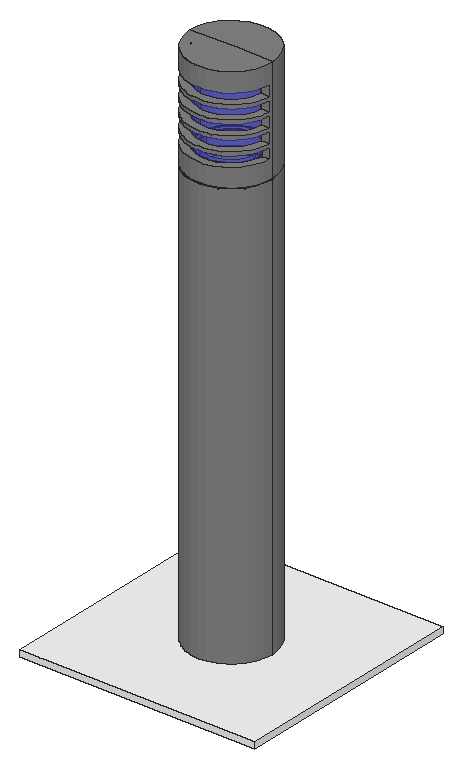
Revit family "BE_84424_de_DE", category Leuchten, Revit 2020
Family settings
  Basisbauteil = Fläche
  Bemaßung runder Anschluss = Durchmesser verwenden
  Teiletyp = Normal
  Beim Laden mit Abzugskörper schneiden = Ja
  Lichtquelle = Ja
  Gemeinsam genutzt = Nein
  Raumberechnungspunkt = Ja
Parameters (values of type "BEGA_84424_Grafit_K3")
  built-in parameter 1150104 = 12.747 (stored number, unit not read)
  Wattage = 8.2 W
  Default Elevation = 0 mm
  built-in parameter 1150113 = 1 (stored number, unit not read)
  built-in parameter 1114218 = 1 (stored number, unit not read)
  Umgebungstemperatur = "25 °C"
  URL = "https://www.bega.com/de/produkt/84424"
  Typenkommentare = "© 2022 BEGA. Wir behalten uns das Recht vor, technische Änderungen ohne vorherige Ankündigung vorzunehmen."  # constant formula
  Type Image = 84424.png
  built-in parameter 1150134 = (empty or 0)
  built-in parameter 1150109 = 1 (stored number, unit not read)
  Strom = ""
  built-in parameter 1150110 = 1 (stored number, unit not read)
  Spannung = 239.996 V
  Sonderanfertigung = no
  Seriennummer [instance] = "Hier können Sie die eindeutige Seriennummer für das Facility Management eintragen."
  Schutzklasse = "I"
  Schutzart = "IP 65"
  Scheinlast = 0 VA
  Produktdatenblatt = "https://cdn.bega.com/bega/products/84424AK4/current/documents/data-sheets/de"
  Oberflächentemperatur = ""
  Neigungswinkel = 0.00°
  Modell = "84424K3"
  Material_18 = BEGA_Gummi_schwarz
  Material_17 = BEGA_Reflektor
  Material_15 = BEGA_Leuchtmedium_matt
  Material_11 = BEGA_Glas_opal
  Material_09 = BEGA_Glas_klar
  Material_08 = BEGA_Oberfläche_Stahl_verzinkt
  Material_06 = BEGA_Oberfläche_Edelstahl_gebürstet
  Material_03 = BEGA_Oberfläche_Weiss_matt
  Material_02 = BEGA_Oberfläche_Silber_matt
  Material_01 [instance] = BEGA_Oberfläche_Grafit_matt
  M_W = no
  M_G = yes
  M_A = no
  Logo = 0
  built-in parameter 1114217 = 1 (stored number, unit not read)
  built-in parameter 1150139 = (empty or 0)
  built-in parameter 1150105 = 89.534 (stored number, unit not read)
  built-in parameter 1150114 = 1 (stored number, unit not read)
  Lumens = 1125.12 lm
  built-in parameter 1150115 = 1 (stored number, unit not read)
  Leuchtenlichtstrom = "158 lm"
  Leuchtenanzahl = ""
  Lebensdauerkriterien = "L70B50 @ 25 °C = 200000 h"
  Lastklassifizierung = Beleuchtung
  built-in parameter 1150112 = 1 (stored number, unit not read)
  Lampenlichtstrom = "1395 lm"
  Lampe = "LED 8 W"
  LED_Modulbezeichnung = "LED-0292/830"
  built-in parameter 1150142 = (empty or 0)
  Hersteller = "BEGA"  # constant formula
  Halbstreuwinkel = ""
  Gewicht = "6.8 kg"
  Gebrauchslageneinschränkung [instance] = ""
  Frequenz = "0/50-60 Hz"
  Farbwiedergabeindex = "CRI > 80"
  Farbtemperaturverschiebung bei Dämpfen der Lampe = <Keine Auswahl>
  Farbtemperatur = "3000 K"
  Color Filter = 16777215
  built-in parameter 1150133 = 10 (stored number, unit not read)
  Energieeffizienzklasse = "LED A++ - A"
  built-in parameter 1150137 = (empty or 0)
  built-in parameter 1150132 = (empty or 0)
  ENEC = "ja"
  Dimmbar [instance] = "DALI"
  Datei für fotometrisches Netz = "BE_84424K3.IES"
  CE_Konformität = "ja"
  Bestellnummer = "84424K3"
  Beschreibung_Sonderanfertigung = "Hier können Sie Informationen zur Sonderanfertigung eintragen."
  Beschreibung = "Garten- und Wegeleuchte"
  built-in parameter 1150106 = 0.89534 (stored number, unit not read)
  Befestigungsbohrung = "Ø 9 mm"
  Befestigungsabstand = ""
  Ballwurfsicher = ""
  BEGA_Intern_aus = yes
  BEGA_Intern_an = yes
  BEGA_Intern_Konstruktion = yes
  BEGA_Intern = yes
  BEGA_IES = yes
  BEGA_Dummy = no
  Anschlussleitung = ""
  Anschlussleistung [instance] = "9.8 W"
  built-in parameter 1150107 = 3000 (stored number, unit not read)
  built-in parameter 1150102 = (empty or 0)
  built-in parameter 1150138 = (empty or 0)
  Aktualisierung = "2022-05-19T04:00:07"
  Abstand_zur_angestrahlten_Fläche [instance] = ""
  AC/DC = "AC/DC"
Types (4, lengths in mm): name | built-in parameter 1150134 | Modell | M_G | M_A | Leuchtenlichtstrom | Lampenlichtstrom | LED_Modulbezeichnung | Farbtemperatur | Datei für fotometrisches Netz | Bestellnummer | built-in parameter 1150107
  BEGA_84424_Grafit_K4 | 12 | "84424K4" | yes | no | "160 lm" | "1415 lm" | "LED-0292/840" | "4000 K" | "BE_84424K4.IES" | "84424K4" | 4000 (stored number, unit not read)
  BEGA_84424_Silber_K3 | (empty or 0) | "84424AK3" | no | yes | "158 lm" | "1395 lm" | "LED-0292/830" | "3000 K" | "BE_84424K3.IES" | "84424AK3" | 3000 (stored number, unit not read)
  BEGA_84424_Silber_K4 | 12 | "84424AK4" | no | yes | "160 lm" | "1415 lm" | "LED-0292/840" | "4000 K" | "BE_84424K4.IES" | "84424AK4" | 4000 (stored number, unit not read)
  BEGA_84424_Grafit_K3 | (empty or 0) | "84424K3" | yes | no | "158 lm" | "1395 lm" | "LED-0292/830" | "3000 K" | "BE_84424K3.IES" | "84424K3" | 3000 (stored number, unit not read)
Reference planes
  plane 1 "Mitte (Vorne/Hinten)": y = 0
  plane 2: z = 0
  plane 3 "Mitte (Links/Rechts)": x = 0
  plane 4 "Links": x = -70
  plane 5 "Rechts": x = 70
  plane 6 "Unten": y = -70
  plane 7 "Oben": y = 70
  plane 8 "Vorne": z = 906.03
  plane 9 "Hinten": z = 0
Forms (mm)
  Extrusion 1, solid, material "BEGA_Platte_Weiss"
    sketch origin (0, -1119.2, 0) x (1, 0, 0) y (0, 1, 0)
      loop
        line (-200, 1319.2) -> (-200, 919.2) -> (200, 919.2) -> (200, 1319.2) -> (-200, 1319.2)
    from 0 to -10
  Extrusion 2, solid, material "BEGA_Dummy_matt", visible <- "BEGA_Dummy"
    sketch origin (77.149, -76.023, 0) x (1, 0, 0) y (0, 1, 0)
      loop
        circle (-77.149, 76.023) r 70
    from 0 to 906.03
Dimensions and locks
  plane 1 "Mitte (Vorne/Hinten)" to Extrusion 1 = 200 mm
  aligned and locked: plane 2 to Extrusion 1
  aligned and locked: level to Extrusion 1
Nested families
  nested 1: "84424" at (0, 0, 0), type "84424"
Connectors
  electrical at (0, 0, 0), driven by "Lastklassifizierung", driven by "Spannung", driven by "Scheinlast"
    settings: index 1, voltage 239.996 V, apparent load 0 VA, apparent load phase1 0 VA, apparent load phase2 0 VA, apparent load phase3 0 VA, power factor 1, load classification "Beleuchtung", number of poles 1, system type 31, power factor state 1, is connector primary yes, connector utility no, sub classification motor no, connector description ""
Definition of nested family "84424"
  Parameters (values of type "84424")
    Default Elevation = 1 mm
    URL = "http://www.bega.de/de/produkt"
    Type Comments = "© 2015 BEGA. Wir behalten uns das Recht vor, technische Änderungen ohne vorherige Ankündigung vorzunehmen. "  # constant formula
    Type Image = (empty or 0)
    Neigungswinkel_um_Z2 = 0.00°
    Neigungswinkel_um_Z1 = 0.00°
    Neigungswinkel_um_Y2 = 0.00°
    Neigungswinkel_um_Y1 = 0.00°
    Neigungswinkel_um_X2 = 0.00°
    Neigungswinkel_um_X1 = 0.00°
    Material_18 = none
    Material_17 = none
    Material_15 = none
    Material_11 = none
    Material_09 = none
    Material_08 = none
    Material_06 = none
    Material_02 = none
    Material_01 = none
    M_W = yes
    M_G = yes
    M_A = yes
    Länge_Platte = 200 mm  # constant formula
    Höhe_Platte = -10 mm  # constant formula
    Manufacturer = "BEGA"  # constant formula
    Drehwinkel_um_Z2 = 0.00°
    Drehwinkel_um_Z1 = 0.00°
    Breite_Platte = 200 mm  # constant formula
  Reference planes
    plane 1 "Mitte (Oben/Unten)": y = 0
    plane 2: z = 0
    plane 3 "Mitte (Links/Rechts)": x = 0
    plane 4 "Links": x = -70
    plane 5 "Rechts": x = 70
    plane 6 "Oben": y = 70
    plane 7 "Unten": y = -70
    plane 8: z = 906.03
    plane 9: z = 0
  Forms (mm)
    Extrusion 1, solid, detail levels medium
      sketch origin (0, 0, 0) x (1, 0, 0) y (0, 1, 0)
        loop
          line (-100, 100) -> (-100, -100) -> (100, -100) -> (100, 100) -> (-100, 100)
      from 0 to -10 <- "Höhe_Platte"
    Revolve 2, solid, material <- "Material_01", visible <- "M_G"
      sketch origin (0, 0, 0) x (1, 0, 0) y (0, 0, 1)
        loop
          line (-70, 725.578) -> (-70, 0) -> (-66.5, 0) -> (-66.5, 711.078) -> (-53.538, 711.078) -> (-53.538, 745.534) -> (-56.685, 745.534) -> (-56.685, 749.545) -> (-59.513, 749.545) -> (-59.513, 727.578) -> (-69, 727.578) -> (-69, 725.578) -> (-70, 725.578)
        axis (0, 749.545) -> (0, 0)
      angle from 0 to 360
    Revolve 3, solid, material <- "Material_18"
      sketch origin (0, 0, 0) x (1, 0, 0) y (0, 0, 1)
        loop
          circle (-54.006, 748.057) r 2.469
        axis (0, 748.057) -> (0, 747.057)
      angle from 0 to 360
    Revolve 4, solid, material <- "Material_11"
      sketch origin (0, 0, 0) x (1, 0, 0) y (0, 0, 1)
        loop
          line (0, 889.668) -> (0, 893.578) -> (-53.516, 893.578) -> (-56.013, 750.499) -> (-47.699, 750.499) -> (-47.699, 726.078) -> (-42, 726.078) -> (-42, 754.609) -> (-51.929, 754.609) -> (-49.572, 889.668) -> (0, 889.668)
        axis (0, 893.578) -> (0, 726.078)
      angle from 0 to 360
    Revolve 5, solid, material <- "Material_01", visible <- "M_G"
      sketch origin (0, 0, 0) x (1, 0, 0) y (0, 0, 1)
        loop
          line (0, 902.317) -> (0, 906.03) -> (-70, 904.853) -> (-70, 727.878) -> (-67, 727.878) -> (-67, 751.878) -> (-57.625, 751.878) -> (-54.999, 902.317) -> (0, 902.317)
        axis (0, 906.03) -> (0, 727.878)
      angle from 0 to 360
    Revolve 6, solid, material <- "Material_08"
      sketch origin (0, 0, 0) x (1, 0, 0) y (0, 0, 1)
        loop
          line (-44.5, 120) -> (-44.5, 3) -> (-42.5, 3) -> (-42.5, 120) -> (-44.5, 120)
        axis (0, 120) -> (0, 3)
      angle from 0 to 360
    Extrusion 7, solid, material <- "Material_08"
      sketch origin (0, 0, 0) x (1, 0, 0) y (0, 1, 0)
        loop
          circle (0, 0) r 47.5
        loop
          arc (-28.061, 21.397) -> (-34.208, 19.75) -> (-32.561, 13.603) r 4.5
          line (-32.561, 13.603) -> (-30.396, 12.352)
          arc (-30.396, 12.352) -> (-24.25, 13.998) -> (-25.891, 20.144) r 4.5
          line (-25.891, 20.144) -> (-28.061, 21.397)
        loop
          line (28.444, 21.594) -> (25.952, 20.191)
          arc (25.952, 20.191) -> (24.147, 14.163) -> (30.125, 12.196) r 4.511
          line (30.125, 12.196) -> (32.567, 13.607)
          arc (32.567, 13.607) -> (34.309, 19.564) -> (28.444, 21.594) r 4.5
        loop
          line (-4.491, -32.221) -> (-4.491, -35.279)
          arc (-4.491, -35.279) -> (0.14, -39.498) -> (4.5, -35) r 4.5
          line (4.5, -35) -> (4.5, -32.5)
          arc (4.5, -32.5) -> (0.14, -28.002) -> (-4.491, -32.221) r 4.5
        loop
          arc (-6.161, -24.624) -> (0, -22.5) -> (6.161, -24.624) r 10
          arc (6.161, -24.624) -> (16.111, -27.784) -> (25.712, -23.694) r 14.991
          arc (25.712, -23.694) -> (30.54, -17.024) -> (33.674, -9.41) r 34.964
          arc (33.674, -9.41) -> (31.697, 0.879) -> (23.495, 7.398) r 15.084
          arc (23.495, 7.398) -> (19.048, 12.099) -> (18.411, 18.538) r 10
          arc (18.411, 18.538) -> (16.071, 27.886) -> (8.545, 33.904) r 15.068
          arc (8.545, 33.904) -> (0.695, 34.957) -> (-7.19, 34.217) r 34.964
          arc (-7.19, 34.217) -> (-15.949, 27.922) -> (-18.198, 17.372) r 14.96
          arc (-18.198, 17.372) -> (-19.496, 11.211) -> (-24.215, 7.043) r 10.011
          arc (-24.215, 7.043) -> (-32.186, -0.215) -> (-33.206, -10.946) r 14.957
          arc (-33.206, -10.946) -> (-30.244, -17.544) -> (-25.986, -23.392) r 34.964
          arc (-25.986, -23.392) -> (-16.313, -27.748) -> (-6.161, -24.624) r 14.967
      from 3 to 0
    Revolve 8, solid, material <- "Material_02", visible <- "M_A"
      sketch origin (0, 0, 0) x (1, 0, 0) y (0, 0, 1)
        loop
          line (-70, 725.578) -> (-70, 0) -> (-66.5, 0) -> (-66.5, 711.078) -> (-53.538, 711.078) -> (-53.538, 745.534) -> (-56.685, 745.534) -> (-56.685, 749.545) -> (-59.513, 749.545) -> (-59.513, 727.578) -> (-69, 727.578) -> (-69, 725.578) -> (-70, 725.578)
        axis (0, 749.545) -> (0, 0)
      angle from 0 to 360
    Extrusion 9, void
      sketch origin (0, 0, 0) x (0, 1, 0) y (0, 0, 1)
        loop
          line (-73.578, 872.572) -> (-73.578, 854.693) -> (-5, 854.693) -> (-5, 872.572) -> (-73.578, 872.572)
        loop
          line (-73.578, 848.538) -> (-73.578, 830.713) -> (-5, 830.713) -> (-5, 848.538) -> (-73.578, 848.538)
        loop
          line (-73.578, 824.588) -> (-73.578, 806.537) -> (-5, 806.537) -> (-5, 824.588) -> (-73.578, 824.588)
        loop
          line (-73.578, 800.788) -> (-73.578, 782.737) -> (-5, 782.737) -> (-5, 800.788) -> (-73.578, 800.788)
        loop
          line (-73.578, 776.586) -> (-73.578, 758.669) -> (-5, 758.669) -> (-5, 776.586) -> (-73.578, 776.586)
      from -80 to 80
    Revolve 10, solid, material <- "Material_02", visible <- "M_A"
      sketch origin (0, 0, 0) x (1, 0, 0) y (0, 0, 1)
        loop
          line (0, 902.317) -> (0, 906.03) -> (-70, 904.853) -> (-70, 727.878) -> (-67, 727.878) -> (-67, 751.878) -> (-57.625, 751.878) -> (-54.999, 902.317) -> (0, 902.317)
        axis (0, 906.03) -> (0, 727.878)
      angle from 0 to 360
  Cuts and joins
    joined: Revolve 6, Extrusion 7
    Extrusion 9 cuts Revolve 5
    Extrusion 9 cuts Revolve 10
  Dimensions and locks
    equal spacing: Extrusion 1 sketch curve, plane 3 "Mitte (Links/Rechts)", Extrusion 1 sketch curve
    equal spacing: Extrusion 1 sketch curve, plane 1 "Mitte (Oben/Unten)", Extrusion 1 sketch curve
    "Länge_Platte": Extrusion 1 sketch curve to Extrusion 1 sketch curve
    "Breite_Platte": Extrusion 1 sketch curve to Extrusion 1 sketch curve
    Extrusion 9 sketch curve to plane 1 "Mitte (Oben/Unten)" = 5 mm
    aligned and locked: plane 2 to Extrusion 1
    aligned and locked: level to Extrusion 1
  Automatic sketch dimensions
    Revolve 6 sketch curve to plane 3 "Mitte (Links/Rechts)" = 0 mm
    Revolve 6 sketch curve to plane 3 "Mitte (Links/Rechts)" = 42.5 mm
    Revolve 6 sketch curve to Revolve 6 sketch curve = 2 mm
    Revolve 6 sketch curve to Revolve 6 sketch curve = 383 mm
    Revolve 6 sketch curve to Revolve 6 sketch curve = 10 mm
    level to Revolve 6 sketch curve = 3 mm
    level to Revolve 6 sketch curve = 120 mm
    Revolve 4 sketch curve to plane 3 "Mitte (Links/Rechts)" = 0 mm  (x2)
    plane 4 "Links" to Revolve 4 sketch curve = 28 mm
    Revolve 4 sketch curve to Revolve 4 sketch curve = 5.699 mm
    plane 4 "Links" to Revolve 4 sketch curve = 20.428 mm
    Revolve 4 sketch curve to Revolve 4 sketch curve = 4.23 mm
    Revolve 4 sketch curve to Revolve 4 sketch curve = 3.944 mm
    Revolve 4 sketch curve to Revolve 4 sketch curve = 4.084 mm
    Revolve 4 sketch curve to plane 8 = 179.952 mm
    Revolve 4 sketch curve to Revolve 4 sketch curve = 24.42 mm
    Revolve 4 sketch curve to Revolve 4 sketch curve = 4.111 mm
    Revolve 4 sketch curve to plane 8 = 16.362 mm
    Revolve 4 sketch curve to Revolve 4 sketch curve = 3.91 mm
    Revolve 4 sketch curve to Revolve 4 sketch curve = 46.854 mm
    Revolve 4 sketch curve to plane 8 = 1.806 mm
    Revolve 3 sketch curve to plane 3 "Mitte (Links/Rechts)" = 0 mm
    plane 4 "Links" to Revolve 3 sketch curve = 15.994 mm
    Revolve 3 sketch curve to plane 8 = 157.974 mm
    Revolve 3 sketch curve to Revolve 3 sketch curve = 38.573 mm
    Revolve 3 sketch curve to Revolve 3 sketch curve = 17.911 mm
    Revolve 2 sketch curve to level = 0 mm
    Revolve 2 sketch curve to plane 4 "Links" = 0 mm
    Revolve 2 sketch curve to plane 3 "Mitte (Links/Rechts)" = 0 mm
    plane 4 "Links" to Revolve 2 sketch curve = 1 mm
    Revolve 2 sketch curve to Revolve 2 sketch curve = 2.5 mm
    plane 4 "Links" to Revolve 2 sketch curve = 10.487 mm
    Revolve 2 sketch curve to Revolve 2 sketch curve = 2.828 mm
    Revolve 2 sketch curve to Revolve 2 sketch curve = 3.147 mm
    Revolve 2 sketch curve to plane 8 = 180.452 mm
    Revolve 2 sketch curve to Revolve 2 sketch curve = 2 mm
    Revolve 2 sketch curve to Revolve 2 sketch curve = 17.956 mm
    Revolve 2 sketch curve to Revolve 2 sketch curve = 4.011 mm
    level to Revolve 2 sketch curve = 249.238 mm
    Revolve 2 sketch curve to Revolve 2 sketch curve = 21.293 mm
    Revolve 2 sketch curve to Revolve 2 sketch curve = 14.5 mm
    Revolve 8 sketch curve to level = 0 mm
    Revolve 8 sketch curve to plane 4 "Links" = 0 mm
    Revolve 8 sketch curve to plane 3 "Mitte (Links/Rechts)" = 0 mm
    plane 4 "Links" to Revolve 8 sketch curve = 1 mm
    Revolve 8 sketch curve to Revolve 8 sketch curve = 3.5 mm
    plane 4 "Links" to Revolve 8 sketch curve = 10.487 mm
    Revolve 8 sketch curve to Revolve 8 sketch curve = 2.828 mm
    Revolve 8 sketch curve to Revolve 8 sketch curve = 3.147 mm
    Revolve 8 sketch curve to plane 8 = 194.952 mm
    Revolve 8 sketch curve to Revolve 8 sketch curve = 14.5 mm
    Revolve 8 sketch curve to Revolve 8 sketch curve = 2 mm
    Revolve 8 sketch curve to Revolve 8 sketch curve = 17.956 mm
    Revolve 8 sketch curve to Revolve 8 sketch curve = 4.011 mm
    level to Revolve 8 sketch curve = 249.238 mm
    Revolve 8 sketch curve to Revolve 8 sketch curve = 4.793 mm
    Extrusion 7 sketch curve to Extrusion 7 sketch curve = 0 mm  (x12)
    plane 1 "Mitte (Oben/Unten)" to Extrusion 7 sketch curve = 0 mm
    Extrusion 7 sketch curve to plane 3 "Mitte (Links/Rechts)" = 0 mm  (x3)
    Extrusion 7 sketch curve to plane 3 "Mitte (Links/Rechts)" = 3.427 mm
    Extrusion 7 sketch curve to plane 3 "Mitte (Links/Rechts)" = 15.403 mm
    Extrusion 7 sketch curve to Extrusion 7 sketch curve = 3.404 mm
    Extrusion 7 sketch curve to Extrusion 7 sketch curve = 0.085 mm
    Extrusion 7 sketch curve to Extrusion 7 sketch curve = 2.165 mm  (x3)
    plane 3 "Mitte (Links/Rechts)" to Extrusion 7 sketch curve = 3.391 mm
    plane 3 "Mitte (Links/Rechts)" to Extrusion 7 sketch curve = 15.403 mm
    Extrusion 7 sketch curve to Extrusion 7 sketch curve = 3.391 mm
    Extrusion 7 sketch curve to Extrusion 7 sketch curve = 9.351 mm
    plane 1 "Mitte (Oben/Unten)" to Extrusion 7 sketch curve = 6.901 mm
    plane 1 "Mitte (Oben/Unten)" to Extrusion 7 sketch curve = 6.935 mm
    Extrusion 7 sketch curve to Extrusion 7 sketch curve = 5.908 mm
    Extrusion 7 sketch curve to Extrusion 7 sketch curve = 5.874 mm
    Extrusion 7 sketch curve to Extrusion 7 sketch curve = 19.691 mm
    Extrusion 7 sketch curve to plane 1 "Mitte (Oben/Unten)" = 16.25 mm
    Extrusion 7 sketch curve to Extrusion 7 sketch curve = 1.25 mm  (x2)
    Extrusion 7 sketch curve to plane 1 "Mitte (Oben/Unten)" = 19.738 mm
    Extrusion 7 sketch curve to Extrusion 7 sketch curve = 0.006 mm
    Extrusion 7 sketch curve to Extrusion 7 sketch curve = 3.897 mm
    Extrusion 7 sketch curve to plane 3 "Mitte (Links/Rechts)" = 6.161 mm
    Extrusion 7 sketch curve to plane 3 "Mitte (Links/Rechts)" = 7.19 mm
    Extrusion 7 sketch curve to Extrusion 7 sketch curve = 0.02 mm
    Extrusion 7 sketch curve to Extrusion 7 sketch curve = 9.947 mm
    Extrusion 7 sketch curve to plane 1 "Mitte (Oben/Unten)" = 7.043 mm
    Extrusion 7 sketch curve to Extrusion 7 sketch curve = 3.931 mm
    Extrusion 7 sketch curve to Extrusion 7 sketch curve = 2.17 mm
    Extrusion 7 sketch curve to Extrusion 7 sketch curve = 2.25 mm
    Extrusion 7 sketch curve to plane 1 "Mitte (Oben/Unten)" = 12.352 mm
    Extrusion 7 sketch curve to Extrusion 7 sketch curve = 0.001 mm  (x3)
    Extrusion 7 sketch curve to plane 1 "Mitte (Oben/Unten)" = 13.602 mm
    Extrusion 7 sketch curve to Extrusion 7 sketch curve = 7.22 mm
    plane 3 "Mitte (Links/Rechts)" to Extrusion 7 sketch curve = 4.5 mm
    plane 3 "Mitte (Links/Rechts)" to Extrusion 7 sketch curve = 6.161 mm
    plane 3 "Mitte (Links/Rechts)" to Extrusion 7 sketch curve = 8.545 mm
    Extrusion 7 sketch curve to Extrusion 7 sketch curve = 0.005 mm
    Extrusion 7 sketch curve to Extrusion 7 sketch curve = 9.735 mm
    Extrusion 7 sketch curve to plane 1 "Mitte (Oben/Unten)" = 7.398 mm
    Extrusion 7 sketch curve to Extrusion 7 sketch curve = 4.651 mm
    Extrusion 7 sketch curve to Extrusion 7 sketch curve = 19.545 mm
    Extrusion 7 sketch curve to Extrusion 7 sketch curve = 2.194 mm
    Extrusion 7 sketch curve to Extrusion 7 sketch curve = 0.007 mm
    Extrusion 7 sketch curve to Extrusion 7 sketch curve = 2.499 mm
    Extrusion 7 sketch curve to Extrusion 7 sketch curve = 1.979 mm
    Extrusion 7 sketch curve to plane 1 "Mitte (Oben/Unten)" = 12.196 mm
    Extrusion 7 sketch curve to plane 1 "Mitte (Oben/Unten)" = 13.607 mm
    Extrusion 7 sketch curve to Extrusion 7 sketch curve = 2.443 mm
    plane 1 "Mitte (Oben/Unten)" to Extrusion 7 sketch curve = 9.41 mm
    Extrusion 7 sketch curve to Extrusion 7 sketch curve = 7.876 mm
    Extrusion 7 sketch curve to Extrusion 7 sketch curve = 3.058 mm
    Extrusion 7 sketch curve to Extrusion 7 sketch curve = 2.5 mm
    Extrusion 7 sketch curve to Extrusion 7 sketch curve = 0.012 mm
    Extrusion 7 sketch curve to Extrusion 7 sketch curve = 0.026 mm
    Extrusion 7 sketch curve to Extrusion 7 sketch curve = 1.253 mm
    Revolve 5 sketch curve to plane 4 "Links" = 0 mm
    Revolve 5 sketch curve to plane 3 "Mitte (Links/Rechts)" = 0 mm  (x2)
    Revolve 5 sketch curve to plane 8 = 0 mm
    Revolve 5 sketch curve to Revolve 5 sketch curve = 3 mm
    Revolve 5 sketch curve to plane 8 = 1.178 mm
    Revolve 5 sketch curve to Revolve 5 sketch curve = 150.439 mm
    Revolve 5 sketch curve to Revolve 5 sketch curve = 24 mm
    Revolve 5 sketch curve to Revolve 5 sketch curve = 9.375 mm
    plane 4 "Links" to Revolve 5 sketch curve = 15.001 mm
    Revolve 5 sketch curve to plane 8 = 3.713 mm
    Revolve 5 sketch curve to Revolve 5 sketch curve = 1.079 mm
    Revolve 5 sketch curve to Revolve 5 sketch curve = 0.589 mm
    plane 1 "Mitte (Oben/Unten)" to Extrusion 9 sketch curve = 5 mm  (x4)
    Extrusion 9 sketch curve to plane 7 "Unten" = 3.578 mm  (x5)
    Extrusion 9 sketch curve to Extrusion 9 sketch curve = 17.917 mm
    Extrusion 9 sketch curve to Extrusion 9 sketch curve = 6.151 mm
    Extrusion 9 sketch curve to Extrusion 9 sketch curve = 18.051 mm  (x2)
    Extrusion 9 sketch curve to Extrusion 9 sketch curve = 5.75 mm
    Extrusion 9 sketch curve to Extrusion 9 sketch curve = 6.125 mm
    Extrusion 9 sketch curve to Extrusion 9 sketch curve = 17.825 mm
    Extrusion 9 sketch curve to Extrusion 9 sketch curve = 6.155 mm
    Extrusion 9 sketch curve to Extrusion 9 sketch curve = 17.879 mm
    Revolve 10 sketch curve to plane 4 "Links" = 0 mm
    Revolve 10 sketch curve to plane 3 "Mitte (Links/Rechts)" = 0 mm  (x2)
    Revolve 10 sketch curve to plane 8 = 0 mm
    Revolve 10 sketch curve to Revolve 10 sketch curve = 3 mm
    Revolve 10 sketch curve to Revolve 10 sketch curve = 9.375 mm
    Revolve 10 sketch curve to plane 8 = 3.713 mm
    plane 4 "Links" to Revolve 10 sketch curve = 15.001 mm
    Revolve 10 sketch curve to Revolve 10 sketch curve = 150.439 mm
    Revolve 10 sketch curve to Revolve 10 sketch curve = 24 mm
    Revolve 10 sketch curve to plane 8 = 1.178 mm
    Revolve 10 sketch curve to Revolve 10 sketch curve = 1.079 mm
    Revolve 10 sketch curve to Revolve 10 sketch curve = 0.589 mm
    Extrusion 9 sketch curve to plane 8 = 147.362 mm
    radius of Revolve 3 sketch curve = 2.469 mm
    radius of Extrusion 7 sketch curve = 47.5 mm
